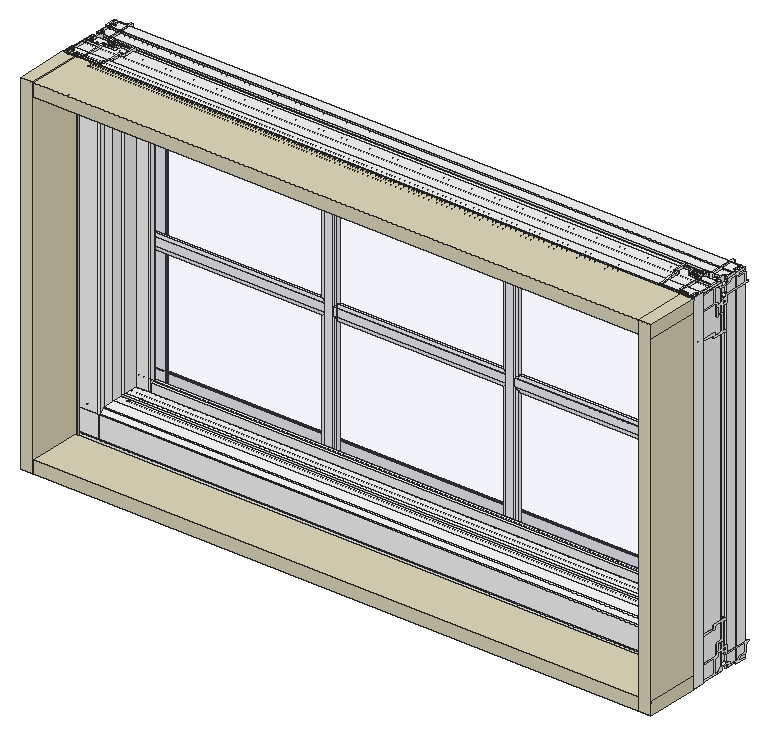
Revit family (continued)
Automatic sketch dimensions
  Sweep 8 sketch curve to Sweep 8 sketch curve = 0' - 0 1/16"
  Sweep 8 sketch curve to Sweep 8 sketch curve = 0' - 0.02"  (x3)
  Sweep 8 sketch curve to Sweep 8 sketch curve = 0' - 0.045"  (x4)
  Sweep 8 sketch curve to Sweep 8 sketch curve = 0' - 0.0135"
  Sweep 8 sketch curve to Sweep 8 sketch curve = 0' - 0.0315"
  Sweep 8 sketch curve to Sweep 8 sketch curve = 0' - 0.025"  (x3)
  Sweep 8 sketch curve to Sweep 8 sketch curve = 0' - 0.155"
  Sweep 8 sketch curve to Sweep 8 sketch curve = 0' - 0.11"
  profile plane to Sweep 8 sketch curve = 0' - 0.02019"
  Sweep 8 sketch curve to Sweep 8 sketch curve = 0' - 0.035"  (x2)
  profile plane to Sweep 8 sketch curve = 0' - 0.25019"
  Sweep 8 sketch curve to Sweep 8 sketch curve = 0' - 0.03433"
  Sweep 8 sketch curve to Sweep 8 sketch curve = 0' - 0.0786"
  Sweep 8 sketch curve to Sweep 8 sketch curve = 0' - 0.015"
  Sweep 8 sketch curve to Sweep 8 sketch curve = 0' - 0.014"
  Sweep 7 sketch curve to Sweep 7 sketch curve = 0' - 0"  (x7)
  plane 10 "Set Back" to Sweep 7 sketch curve = 0' - 0.124"
  Sweep 7 sketch curve to Sweep 7 sketch curve = 0' - 0.025"  (x4)
  plane 10 "Set Back" to Sweep 7 sketch curve = 0' - 0.174"
  Sweep 7 sketch curve to Sweep 7 sketch curve = 0' - 0.05"  (x3)
  Sweep 7 sketch curve to Sweep 7 sketch curve = 0' - 0 1/16"
  Sweep 7 sketch curve to Sweep 7 sketch curve = 0' - 0.02"  (x4)
  Sweep 7 sketch curve to Sweep 7 sketch curve = 0' - 0.045"  (x7)
  Sweep 7 sketch curve to Sweep 7 sketch curve = 0' - 0.10873"
  Sweep 7 sketch curve to Sweep 7 sketch curve = 0' - 0.06"
  Sweep 7 sketch curve to Sweep 7 sketch curve = 0' - 0.36827"
  Sweep 7 sketch curve to profile plane = 0' - 0.00019"
  Sweep 7 sketch curve to Sweep 7 sketch curve = 0' - 0.667"
  Sweep 7 sketch curve to Sweep 7 sketch curve = 0' - 0.0135"
  Sweep 7 sketch curve to Sweep 7 sketch curve = 0' - 0.0315"  (x2)
  Sweep 7 sketch curve to Sweep 7 sketch curve = 0' - 0.155"
  Sweep 7 sketch curve to Sweep 7 sketch curve = 0' - 0.11"
  Sweep 7 sketch curve to profile plane = 0' - 0.02019"
  Sweep 7 sketch curve to Sweep 7 sketch curve = 0' - 0.035"  (x2)
  Sweep 7 sketch curve to Sweep 7 sketch curve = 0' - 0.07"
  Sweep 7 sketch curve to Sweep 7 sketch curve = 0' - 0.304"
  Sweep 7 sketch curve to Sweep 7 sketch curve = 0' - 0.03433"
  Sweep 7 sketch curve to Sweep 7 sketch curve = 0' - 0.0786"
  Sweep 7 sketch curve to Sweep 7 sketch curve = 0' - 0.09"
  Sweep 7 sketch curve to Sweep 7 sketch curve = 0' - 0.015"
  Sweep 7 sketch curve to Sweep 7 sketch curve = 0' - 0.054"
  Sweep 7 sketch curve to Sweep 7 sketch curve = 0' - 0.486"
  Sweep 7 sketch curve to Sweep 7 sketch curve = 0' - 0.014"
  Sweep 7 sketch curve to Sweep 7 sketch curve = 0' - 0.055"
  Sweep 7 sketch curve to profile plane = 0' - 0.25019"
  plane 10 "Set Back" to Sweep 12 sketch curve = 0' - 0.1885"
  profile plane to Sweep 12 sketch curve = 0' - 1.44406"
  Sweep 12 sketch curve to Sweep 12 sketch curve = 0' - 0.0013"
  Sweep 12 sketch curve to Sweep 12 sketch curve = 0' - 0.01575"  (x2)
  Sweep 12 sketch curve to Sweep 12 sketch curve = 0' - 0.02921"
  Sweep 12 sketch curve to Sweep 12 sketch curve = 0' - 0.02999"
  plane 10 "Set Back" to Sweep 12 sketch curve = 0' - 0.13974"
  Sweep 12 sketch curve to Sweep 12 sketch curve = 0' - 0.0015"
  plane 10 "Set Back" to Sweep 12 sketch curve = 0' - 0.12068"
  profile plane to Sweep 12 sketch curve = 0' - 0.67437"
  Sweep 12 sketch curve to Sweep 12 sketch curve = 0' - 0.00156"
  Sweep 12 sketch curve to Sweep 12 sketch curve = 0' - 0.03"  (x5)
  Sweep 12 sketch curve to Sweep 12 sketch curve = 0' - 0.03277"
  Sweep 12 sketch curve to Sweep 12 sketch curve = 0' - 0.01"  (x2)
  Sweep 12 sketch curve to Sweep 12 sketch curve = 0' - 0.032"
  Sweep 12 sketch curve to profile plane = 0' - 0.20219"
  Sweep 12 sketch curve to Sweep 12 sketch curve = 0' - 0.055"
  Sweep 12 sketch curve to Sweep 12 sketch curve = 0' - 0.005"
  Sweep 12 sketch curve to Sweep 12 sketch curve = 0' - 0.02"
  plane 10 "Set Back" to Sweep 12 sketch curve = 0' - 0.119"
  Sweep 12 sketch curve to Sweep 12 sketch curve = 0' - 0.02995"
  Sweep 12 sketch curve to Sweep 12 sketch curve = 0' - 0.00075"
  Sweep 12 sketch curve to Sweep 12 sketch curve = 0' - 0.0685"
  Sweep 12 sketch curve to Sweep 12 sketch curve = 0' - 0.19873"
  plane 10 "Set Back" to Sweep 11 sketch curve = 0' - 0.089"
  plane 10 "Set Back" to Sweep 11 sketch curve = 0' - 0.10979"
  Sweep 11 sketch curve to Sweep 11 sketch curve = 0' - 0.03"  (x3)
  Sweep 11 sketch curve to Sweep 11 sketch curve = 0' - 0.03168"
  Sweep 11 sketch curve to Sweep 11 sketch curve = 0' - 0.015"
  Sweep 11 sketch curve to Sweep 11 sketch curve = 0' - 0.0292"
  Sweep 11 sketch curve to Sweep 11 sketch curve = 0' - 0.005"  (x2)
  Sweep 11 sketch curve to Sweep 11 sketch curve = 0' - 0.02995"
  Sweep 11 sketch curve to Sweep 11 sketch curve = 0' - 0.00004"
  Sweep 11 sketch curve to Sweep 11 sketch curve = 0' - 0.02996"
  Sweep 11 sketch curve to Sweep 11 sketch curve = 0' - 0.04951"
  Sweep 11 sketch curve to Sweep 11 sketch curve = 0' - 0.0685"
  Sweep 11 sketch curve to Sweep 11 sketch curve = 0' - 0.01575"  (x2)
  Sweep 11 sketch curve to Sweep 11 sketch curve = 0' - 0.18709"
  Sweep 11 sketch curve to Sweep 11 sketch curve = 0' - 0.01"
  profile plane to Sweep 11 sketch curve = 0' - 1.44406"
  Sweep 11 sketch curve to Sweep 11 sketch curve = 0' - 0.0013"
  Sweep 11 sketch curve to Sweep 11 sketch curve = 0' - 0.02921"
  Sweep 11 sketch curve to Sweep 11 sketch curve = 0' - 0.0015"
  profile plane to Sweep 11 sketch curve = 0' - 0.67437"
  Sweep 11 sketch curve to Sweep 11 sketch curve = 0' - 0.00156"
  Sweep 11 sketch curve to Sweep 11 sketch curve = 0' - 0.03277"
  Sweep 11 sketch curve to Sweep 11 sketch curve = 0' - 0.05"
  Sweep 11 sketch curve to Sweep 11 sketch curve = 0' - 0.032"
  Sweep 11 sketch curve to profile plane = 0' - 0.20219"
  Sweep 11 sketch curve to Sweep 11 sketch curve = 0' - 0.055"
  Sweep 4 sketch curve to Sweep 4 sketch curve = 0' - 0"  (x23)
  Sweep 4 sketch curve to profile plane = 0' - 0"  (x2)
  profile plane to Sweep 4 sketch curve = 0' - 0.0185"  (x2)
  Sweep 4 sketch curve to Sweep 4 sketch curve = 0' - 0.0185"  (x2)
  profile plane to Sweep 4 sketch curve = 0' - 0.07"  (x2)
  Sweep 4 sketch curve to Sweep 4 sketch curve = 0' - 0.033"  (x2)
  Sweep 4 sketch curve to Sweep 4 sketch curve = 0' - 0.045"  (x6)
  profile plane to Sweep 4 sketch curve = 0' - 0.12"  (x2)
  Sweep 4 sketch curve to Sweep 4 sketch curve = 0' - 0.005"
  Sweep 4 sketch curve to Sweep 4 sketch curve = 0' - 0.0225"  (x4)
  Sweep 4 sketch curve to Sweep 4 sketch curve = 0' - 0.08"  (x4)
  Sweep 4 sketch curve to Sweep 4 sketch curve = 0' - 0.03"  (x19)
  Sweep 4 sketch curve to Sweep 4 sketch curve = 0' - 0.035"  (x5)
  Sweep 4 sketch curve to Sweep 4 sketch curve = 0' - 0.02"  (x14)
  Sweep 4 sketch curve to Sweep 4 sketch curve = 0' - 0.015"  (x2)
  Sweep 4 sketch curve to Sweep 4 sketch curve = 0' - 0.05"  (x6)
  Sweep 4 sketch curve to plane 10 "Set Back" = 0' - 0.0001"
  Sweep 4 sketch curve to Sweep 4 sketch curve = 0' - 0.115"  (x2)
  Sweep 4 sketch curve to Sweep 4 sketch curve = 0' - 0.01"  (x5)
  Sweep 4 sketch curve to Sweep 4 sketch curve = 0' - 0.23254"
  Sweep 4 sketch curve to plane 10 "Set Back" = 0' - 0.01929"
  Sweep 4 sketch curve to Sweep 4 sketch curve = 0' - 0.03686"  (x2)
  Sweep 4 sketch curve to Sweep 4 sketch curve = 0' - 0.09216"
  Sweep 4 sketch curve to Sweep 4 sketch curve = 0' - 0.14"
  Sweep 4 sketch curve to Sweep 4 sketch curve = 0' - 0.1256"
  Sweep 4 sketch curve to Sweep 4 sketch curve = 0' - 0.06"  (x5)
  Sweep 4 sketch curve to Sweep 4 sketch curve = 0' - 0.43"
  Sweep 4 sketch curve to Sweep 4 sketch curve = 0' - 0.05657"
  Sweep 4 sketch curve to Sweep 4 sketch curve = 0' - 0 5/8"
  Sweep 4 sketch curve to Sweep 4 sketch curve = 0' - 0.095"
  Sweep 4 sketch curve to Sweep 4 sketch curve = 0' - 0.07"  (x5)
  Sweep 4 sketch curve to Sweep 4 sketch curve = 0' - 0.055"  (x4)
  Sweep 4 sketch curve to Sweep 4 sketch curve = 0' - 0.04"  (x3)
  Sweep 4 sketch curve to Sweep 4 sketch curve = 0' - 0.025"  (x4)
  Sweep 4 sketch curve to Sweep 4 sketch curve = 0' - 0.00867"
  Sweep 4 sketch curve to Sweep 4 sketch curve = 0' - 0.01342"
  Sweep 4 sketch curve to Sweep 4 sketch curve = 0' - 0.09382"
  Sweep 4 sketch curve to Sweep 4 sketch curve = 0' - 0.00618"
  Sweep 4 sketch curve to Sweep 4 sketch curve = 0' - 0.94031"
  Sweep 4 sketch curve to Sweep 4 sketch curve = 0' - 0.00353"
  Sweep 4 sketch curve to Sweep 4 sketch curve = 0' - 0.05027"  (x2)
  Sweep 4 sketch curve to Sweep 4 sketch curve = 0' - 0.1857"
  Sweep 4 sketch curve to Sweep 4 sketch curve = 0' - 0.00903"
  Sweep 4 sketch curve to Sweep 4 sketch curve = 0' - 0.02796"
  Sweep 4 sketch curve to Sweep 4 sketch curve = 0' - 0.104"
  Sweep 4 sketch curve to Sweep 4 sketch curve = 0' - 0.07687"
  Sweep 4 sketch curve to Sweep 4 sketch curve = 0' - 0.00295"
  Sweep 4 sketch curve to Sweep 4 sketch curve = 0' - 0.09"  (x2)
  Sweep 4 sketch curve to Sweep 4 sketch curve = 0' - 0.04913"
  Sweep 4 sketch curve to Sweep 4 sketch curve = 0' - 0.05894"
  Sweep 4 sketch curve to Sweep 4 sketch curve = 0' - 0.00052"
  Sweep 4 sketch curve to Sweep 4 sketch curve = 0' - 0.02967"
  Sweep 4 sketch curve to Sweep 4 sketch curve = 0' - 0.07879"
  Sweep 4 sketch curve to plane 10 "Set Back" = 0' - 0.1251"
  plane 10 "Set Back" to Sweep 4 sketch curve = 0' - 0.0524"
  Sweep 4 sketch curve to Sweep 4 sketch curve = 0' - 0.01037"  (x2)
  Sweep 4 sketch curve to Sweep 4 sketch curve = 0' - 0.0589"
  Sweep 4 sketch curve to Sweep 4 sketch curve = 0' - 0.2536"  (x2)
  Sweep 4 sketch curve to Sweep 4 sketch curve = 0' - 0.1"  (x2)
  Sweep 4 sketch curve to Sweep 4 sketch curve = 0' - 0.29442"
  Sweep 4 sketch curve to Sweep 4 sketch curve = 0' - 0.04474"  (x2)
  Sweep 4 sketch curve to Sweep 4 sketch curve = 0' - 0.00026"  (x2)
  Sweep 4 sketch curve to Sweep 4 sketch curve = 0' - 0.10026"
  Sweep 4 sketch curve to Sweep 4 sketch curve = 0' - 0.0275"
  Sweep 4 sketch curve to Sweep 4 sketch curve = 0' - 0.113"
  Sweep 4 sketch curve to Sweep 4 sketch curve = 0' - 0.35"
  Sweep 4 sketch curve to Sweep 4 sketch curve = 0' - 0.031"
  Sweep 4 sketch curve to Sweep 4 sketch curve = 0' - 0.062"
  Sweep 4 sketch curve to Sweep 4 sketch curve = 0' - 0.01191"
  Sweep 4 sketch curve to Sweep 4 sketch curve = 0' - 0.0375"
  Sweep 4 sketch curve to Sweep 4 sketch curve = 0' - 0.03067"
  Sweep 4 sketch curve to Sweep 4 sketch curve = 0' - 0.363"
  Sweep 4 sketch curve to Sweep 4 sketch curve = 0' - 0.00196"
  Sweep 4 sketch curve to Sweep 4 sketch curve = 0' - 0.00018"
  Sweep 4 sketch curve to Sweep 4 sketch curve = 0' - 0.00208"
  Sweep 4 sketch curve to Sweep 4 sketch curve = 0' - 0.00897"
  Sweep 4 sketch curve to Sweep 4 sketch curve = 0' - 0.0796"
  Sweep 4 sketch curve to Sweep 4 sketch curve = 0' - 0.00983"
  Sweep 4 sketch curve to Sweep 4 sketch curve = 0' - 0.45737"
  Sweep 4 sketch curve to Sweep 4 sketch curve = 0' - 0.01163"
  Sweep 4 sketch curve to Sweep 4 sketch curve = 0' - 0.64"
  Sweep 4 sketch curve to Sweep 4 sketch curve = 0' - 0.48863"
  Sweep 4 sketch curve to Sweep 4 sketch curve = 0' - 0.00556"
  Sweep 4 sketch curve to Sweep 4 sketch curve = 0' - 0.01672"
  Sweep 4 sketch curve to Sweep 4 sketch curve = 0' - 0.0155"
  Sweep 4 sketch curve to Sweep 4 sketch curve = 0' - 0.06223"
  Sweep 4 sketch curve to Sweep 4 sketch curve = 0' - 0.0005"
  Sweep 4 sketch curve to Sweep 4 sketch curve = 0' - 0.04853"
  Sweep 4 sketch curve to Sweep 4 sketch curve = 0' - 0.32618"
  Sweep 3 sketch curve to Sweep 3 sketch curve = 0' - 0"  (x23)
  Sweep 3 sketch curve to profile plane = 0' - 0"  (x2)
  Sweep 3 sketch curve to profile plane = 0' - 0.0185"  (x2)
  Sweep 3 sketch curve to Sweep 3 sketch curve = 0' - 0.0185"  (x2)
  Sweep 3 sketch curve to profile plane = 0' - 0.07"  (x4)
  Sweep 3 sketch curve to Sweep 3 sketch curve = 0' - 0.045"  (x6)
  Sweep 3 sketch curve to profile plane = 0' - 0.12"  (x3)
  Sweep 3 sketch curve to Sweep 3 sketch curve = 0' - 0.0225"  (x3)
  Sweep 3 sketch curve to Sweep 3 sketch curve = 0' - 0.035"  (x5)
  Sweep 3 sketch curve to Sweep 3 sketch curve = 0' - 0.08"  (x4)
  Sweep 3 sketch curve to Sweep 3 sketch curve = 0' - 0.03"  (x18)
  Sweep 3 sketch curve to Sweep 3 sketch curve = 0' - 0.02"  (x12)
  Sweep 3 sketch curve to Sweep 3 sketch curve = 0' - 0.015"  (x2)
  Sweep 3 sketch curve to Sweep 3 sketch curve = 0' - 0 1/8"
  Sweep 3 sketch curve to Sweep 3 sketch curve = 0' - 0.05"  (x6)
  Sweep 3 sketch curve to plane 10 "Set Back" = 0' - 0.0001"
  Sweep 3 sketch curve to Sweep 3 sketch curve = 0' - 0.115"  (x2)
  Sweep 3 sketch curve to Sweep 3 sketch curve = 0' - 0.01"  (x7)
  Sweep 3 sketch curve to plane 10 "Set Back" = 0' - 0.0451"
  Sweep 3 sketch curve to Sweep 3 sketch curve = 0' - 0.23254"
  Sweep 3 sketch curve to plane 10 "Set Back" = 0' - 0.01929"
  Sweep 3 sketch curve to plane 10 "Set Back" = 0' - 0.15091"
  Sweep 3 sketch curve to Sweep 3 sketch curve = 0' - 0.09216"
  Sweep 3 sketch curve to Sweep 3 sketch curve = 0' - 0.14"
  plane 10 "Set Back" to Sweep 3 sketch curve = 0' - 0.0799"
  Sweep 3 sketch curve to Sweep 3 sketch curve = 0' - 0.1256"
  Sweep 3 sketch curve to Sweep 3 sketch curve = 0' - 0.03686"
  Sweep 3 sketch curve to Sweep 3 sketch curve = 0' - 0.06"  (x7)
  Sweep 3 sketch curve to Sweep 3 sketch curve = 0' - 0.05657"
  Sweep 3 sketch curve to Sweep 3 sketch curve = 0' - 0 5/8"
  Sweep 3 sketch curve to Sweep 3 sketch curve = 0' - 0.095"
  Sweep 3 sketch curve to Sweep 3 sketch curve = 0' - 0.055"  (x4)
  Sweep 3 sketch curve to Sweep 3 sketch curve = 0' - 0.07"  (x2)
  Sweep 3 sketch curve to Sweep 3 sketch curve = 0' - 0.04"  (x2)
  Sweep 3 sketch curve to Sweep 3 sketch curve = 0' - 0.025"  (x2)
  Sweep 3 sketch curve to Sweep 3 sketch curve = 0' - 0.00867"
  Sweep 3 sketch curve to Sweep 3 sketch curve = 0' - 0.01342"
  Sweep 3 sketch curve to Sweep 3 sketch curve = 0' - 0.09382"
  Sweep 3 sketch curve to Sweep 3 sketch curve = 0' - 0.00618"
  Sweep 3 sketch curve to Sweep 3 sketch curve = 0' - 0.215"
  Sweep 3 sketch curve to Sweep 3 sketch curve = 0' - 0.94031"
  Sweep 3 sketch curve to Sweep 3 sketch curve = 0' - 0.00353"
  Sweep 3 sketch curve to Sweep 3 sketch curve = 0' - 0.05027"  (x2)
  Sweep 3 sketch curve to Sweep 3 sketch curve = 0' - 0.1857"
  Sweep 3 sketch curve to Sweep 3 sketch curve = 0' - 0.00903"
  Sweep 3 sketch curve to Sweep 3 sketch curve = 0' - 0.02796"
  Sweep 3 sketch curve to Sweep 3 sketch curve = 0' - 0.104"
  Sweep 3 sketch curve to Sweep 3 sketch curve = 0' - 0.07687"
  Sweep 3 sketch curve to Sweep 3 sketch curve = 0' - 0.00295"
  Sweep 3 sketch curve to Sweep 3 sketch curve = 0' - 0.01017"
  Sweep 3 sketch curve to Sweep 3 sketch curve = 0' - 0.04913"
  Sweep 3 sketch curve to Sweep 3 sketch curve = 0' - 0.05894"
  Sweep 3 sketch curve to Sweep 3 sketch curve = 0' - 0.00052"
  Sweep 3 sketch curve to Sweep 3 sketch curve = 0' - 0.02019"
  Sweep 3 sketch curve to Sweep 3 sketch curve = 0' - 0.02967"
  Sweep 3 sketch curve to Sweep 3 sketch curve = 0' - 0.07879"
  Sweep 3 sketch curve to Sweep 3 sketch curve = 0' - 0.01919"
  plane 10 "Set Back" to Sweep 3 sketch curve = 0' - 0.0524"
  Sweep 3 sketch curve to Sweep 3 sketch curve = 0' - 0.01037"  (x2)
  Sweep 3 sketch curve to Sweep 3 sketch curve = 0' - 0.0589"
  Sweep 3 sketch curve to Sweep 3 sketch curve = 0' - 0.2536"  (x2)
  Sweep 3 sketch curve to Sweep 3 sketch curve = 0' - 0.1"  (x2)
  Sweep 3 sketch curve to Sweep 3 sketch curve = 0' - 0.29442"
  Sweep 3 sketch curve to Sweep 3 sketch curve = 0' - 0.04474"  (x2)
  Sweep 3 sketch curve to Sweep 3 sketch curve = 0' - 0.00026"  (x2)
  Sweep 3 sketch curve to Sweep 3 sketch curve = 0' - 0.10026"
  Sweep 3 sketch curve to Sweep 3 sketch curve = 0' - 0.0275"
  Sweep 3 sketch curve to Sweep 3 sketch curve = 0' - 0.09"  (x2)
  Sweep 3 sketch curve to Sweep 3 sketch curve = 0' - 0.133"
  Sweep 3 sketch curve to Sweep 3 sketch curve = 0' - 0.35"
  Sweep 3 sketch curve to Sweep 3 sketch curve = 0' - 0.031"
  Sweep 3 sketch curve to Sweep 3 sketch curve = 0' - 0.062"
  Sweep 3 sketch curve to Sweep 3 sketch curve = 0' - 0.01191"
  Sweep 3 sketch curve to Sweep 3 sketch curve = 0' - 0.0375"
  Sweep 3 sketch curve to Sweep 3 sketch curve = 0' - 0.03941"
  Sweep 3 sketch curve to Sweep 3 sketch curve = 0' - 0.03067"
  Sweep 3 sketch curve to Sweep 3 sketch curve = 0' - 0.01433"
  Sweep 3 sketch curve to Sweep 3 sketch curve = 0' - 0.363"
  Sweep 3 sketch curve to Sweep 3 sketch curve = 0' - 0.00196"
  Sweep 3 sketch curve to Sweep 3 sketch curve = 0' - 0.00018"
  Sweep 3 sketch curve to Sweep 3 sketch curve = 0' - 0.20442"
  Sweep 3 sketch curve to Sweep 3 sketch curve = 0' - 0.00208"
  Sweep 3 sketch curve to Sweep 3 sketch curve = 0' - 0.0313"
  Sweep 3 sketch curve to Sweep 3 sketch curve = 0' - 0.0796"
  Sweep 3 sketch curve to Sweep 3 sketch curve = 0' - 0.00983"
  Sweep 3 sketch curve to Sweep 3 sketch curve = 0' - 0.45737"
  Sweep 3 sketch curve to Sweep 3 sketch curve = 0' - 0.01163"
  Sweep 3 sketch curve to Sweep 3 sketch curve = 0' - 0.64"
  Sweep 3 sketch curve to Sweep 3 sketch curve = 0' - 0.48863"
  Sweep 3 sketch curve to Sweep 3 sketch curve = 0' - 0.00556"
  Sweep 3 sketch curve to Sweep 3 sketch curve = 0' - 0.01672"
  Sweep 3 sketch curve to Sweep 3 sketch curve = 0' - 0.0155"
  Sweep 3 sketch curve to Sweep 3 sketch curve = 0' - 0.06223"
  Sweep 3 sketch curve to Sweep 3 sketch curve = 0' - 0.04853"
  Sweep 5 sketch curve to Sweep 5 sketch curve = 0' - 0"  (x8)
  plane 10 "Set Back" to Sweep 5 sketch curve = 0' - 0.88676"
  profile plane to Sweep 5 sketch curve = 0' - 1.44381"
  Sweep 5 sketch curve to Sweep 5 sketch curve = 0' - 0.02"  (x4)
  Sweep 5 sketch curve to Sweep 5 sketch curve = 0' - 0.06"
  Sweep 5 sketch curve to Sweep 5 sketch curve = 0' - 0.05"  (x2)
  Sweep 5 sketch curve to Sweep 5 sketch curve = 0' - 0.081"
  Sweep 5 sketch curve to Sweep 5 sketch curve = 0' - 0.055"
  Sweep 5 sketch curve to Sweep 5 sketch curve = 0' - 0.045"  (x5)
  Sweep 5 sketch curve to Sweep 5 sketch curve = 0' - 0.486"
  Sweep 5 sketch curve to Sweep 5 sketch curve = 0' - 0.054"
  Sweep 5 sketch curve to Sweep 5 sketch curve = 0' - 0.025"  (x5)
  Sweep 5 sketch curve to Sweep 5 sketch curve = 0' - 0.03"
  Sweep 5 sketch curve to Sweep 5 sketch curve = 0' - 0.015"
  Sweep 5 sketch curve to Sweep 5 sketch curve = 0' - 0.07"  (x2)
  Sweep 5 sketch curve to Sweep 5 sketch curve = 0' - 0.09"
  Sweep 5 sketch curve to Sweep 5 sketch curve = 0' - 0.0514"
  Sweep 5 sketch curve to Sweep 5 sketch curve = 0' - 0.0786"
  Sweep 5 sketch curve to Sweep 5 sketch curve = 0' - 0.01067"
  Sweep 5 sketch curve to Sweep 5 sketch curve = 0' - 0.03433"
  Sweep 5 sketch curve to Sweep 5 sketch curve = 0' - 0.579"
  Sweep 5 sketch curve to Sweep 5 sketch curve = 0' - 0.304"
  Sweep 5 sketch curve to Sweep 5 sketch curve = 0' - 0.23"
  plane 10 "Set Back" to Sweep 5 sketch curve = 0' - 0.84676"
  Sweep 5 sketch curve to Sweep 5 sketch curve = 0' - 0.0315"
  Sweep 5 sketch curve to Sweep 5 sketch curve = 0' - 0.0135"
  Sweep 5 sketch curve to Sweep 5 sketch curve = 0' - 0.36827"
  Sweep 5 sketch curve to Sweep 5 sketch curve = 0' - 0.10873"
  Sweep 5 sketch curve to Sweep 5 sketch curve = 0' - 0.03249"
  Sweep 5 sketch curve to Sweep 5 sketch curve = 0' - 0.01251"
  Sweep 5 sketch curve to Sweep 5 sketch curve = 0' - 0.11"
  Sweep 5 sketch curve to Sweep 5 sketch curve = 0' - 0.035"
  Sweep 6 sketch curve to Sweep 6 sketch curve = 0' - 0"  (x8)
  plane 10 "Set Back" to Sweep 6 sketch curve = 0' - 0.06476"
  profile plane to Sweep 6 sketch curve = 0' - 0.25019"
  profile plane to Sweep 6 sketch curve = 0' - 0.02019"  (x3)
  Sweep 6 sketch curve to Sweep 6 sketch curve = 0' - 0.02"  (x2)
  Sweep 6 sketch curve to Sweep 6 sketch curve = 0' - 0.07"
  Sweep 6 sketch curve to Sweep 6 sketch curve = 0' - 0.045"  (x8)
  Sweep 6 sketch curve to Sweep 6 sketch curve = 0' - 0.304"
  Sweep 6 sketch curve to Sweep 6 sketch curve = 0' - 0.03433"
  Sweep 6 sketch curve to Sweep 6 sketch curve = 0' - 0.05"  (x2)
  plane 10 "Set Back" to Sweep 6 sketch curve = 0' - 0.12727"
  Sweep 6 sketch curve to Sweep 6 sketch curve = 0' - 0.0786"
  plane 10 "Set Back" to Sweep 6 sketch curve = 0' - 0.26849"
  Sweep 6 sketch curve to Sweep 6 sketch curve = 0' - 0.035"  (x2)
  Sweep 6 sketch curve to Sweep 6 sketch curve = 0' - 0.09"
  Sweep 6 sketch curve to Sweep 6 sketch curve = 0' - 0.015"
  Sweep 6 sketch curve to Sweep 6 sketch curve = 0' - 0.03"
  Sweep 6 sketch curve to Sweep 6 sketch curve = 0' - 0.025"  (x4)
  Sweep 6 sketch curve to Sweep 6 sketch curve = 0' - 0.054"
  Sweep 6 sketch curve to Sweep 6 sketch curve = 0' - 0.486"
  Sweep 6 sketch curve to Sweep 6 sketch curve = 0' - 0.014"
  Sweep 6 sketch curve to Sweep 6 sketch curve = 0' - 0.055"
  Sweep 6 sketch curve to Sweep 6 sketch curve = 0' - 0.081"
  Sweep 6 sketch curve to Sweep 6 sketch curve = 0' - 0.06"
  plane 10 "Set Back" to Sweep 6 sketch curve = 0' - 0.11476"
  Sweep 6 sketch curve to Sweep 6 sketch curve = 0' - 0.36827"
  Sweep 6 sketch curve to Sweep 6 sketch curve = 0' - 0.667"
  Sweep 6 sketch curve to Sweep 6 sketch curve = 0' - 0.0315"  (x2)
  Sweep 6 sketch curve to Sweep 6 sketch curve = 0' - 0.155"
  profile plane to Sweep 9 sketch curve = 0' - 1.44406"
  Sweep 9 sketch curve to Sweep 9 sketch curve = 0' - 0.0013"
  Sweep 9 sketch curve to Sweep 9 sketch curve = 0' - 0.01575"  (x2)
  Sweep 9 sketch curve to Sweep 9 sketch curve = 0' - 0.02921"
  Sweep 9 sketch curve to Sweep 9 sketch curve = 0' - 0.02999"
  Sweep 9 sketch curve to Sweep 9 sketch curve = 0' - 0.0015"
  Sweep 9 sketch curve to Sweep 9 sketch curve = 0' - 0.73691"
  Sweep 9 sketch curve to Sweep 9 sketch curve = 0' - 0.00156"
  Sweep 9 sketch curve to Sweep 9 sketch curve = 0' - 0.03"  (x4)
  Sweep 9 sketch curve to Sweep 9 sketch curve = 0' - 0.03277"
  Sweep 9 sketch curve to Sweep 9 sketch curve = 0' - 0.04"
  Sweep 9 sketch curve to Sweep 9 sketch curve = 0' - 0.05"
  Sweep 9 sketch curve to Sweep 9 sketch curve = 0' - 0.032"
  Sweep 9 sketch curve to Sweep 9 sketch curve = 0' - 0.055"
  Sweep 9 sketch curve to Sweep 9 sketch curve = 0' - 0.005"
  Sweep 9 sketch curve to Sweep 9 sketch curve = 0' - 0.02"
  plane 10 "Set Back" to Sweep 9 sketch curve = 0' - 0.02976"
  Sweep 9 sketch curve to Sweep 9 sketch curve = 0' - 0.02079"
  Sweep 9 sketch curve to Sweep 9 sketch curve = 0' - 0.015"
  Sweep 9 sketch curve to Sweep 9 sketch curve = 0' - 0.03168"
  Sweep 9 sketch curve to Sweep 9 sketch curve = 0' - 0.0292"
  Sweep 9 sketch curve to Sweep 9 sketch curve = 0' - 0.00004"
  Sweep 9 sketch curve to Sweep 9 sketch curve = 0' - 0.04872"
  Sweep 9 sketch curve to Sweep 9 sketch curve = 0' - 0.0685"
  Sweep 9 sketch curve to Sweep 9 sketch curve = 0' - 0.18709"
  Sweep 9 sketch curve to profile plane = 0' - 0.20219"
  profile plane to Sweep 10 sketch curve = 0' - 0.30719"
  Sweep 10 sketch curve to Sweep 10 sketch curve = 0' - 0.03"  (x3)
  Sweep 10 sketch curve to Sweep 10 sketch curve = 0' - 0.015"
  Sweep 10 sketch curve to Sweep 10 sketch curve = 0' - 0.005"
  Sweep 10 sketch curve to Sweep 10 sketch curve = 0' - 0.075"
  plane 10 "Set Back" to Sweep 10 sketch curve = 0' - 0.28849"
  Sweep 10 sketch curve to profile plane = 0' - 0.54081"
  plane 10 "Set Back" to Sweep 10 sketch curve = 0' - 0.05976"
  Sweep 10 sketch curve to Sweep 10 sketch curve = 0' - 0.022"  (x2)
  Sweep 10 sketch curve to Sweep 10 sketch curve = 0' - 0.01"
  Sweep 10 sketch curve to Sweep 10 sketch curve = 0' - 0.04723"
  Sweep 10 sketch curve to Sweep 10 sketch curve = 0' - 0.04"
  Sweep 10 sketch curve to Sweep 10 sketch curve = 0' - 0.00156"
  plane 10 "Set Back" to Sweep 10 sketch curve = 0' - 0.0805"
  Sweep 10 sketch curve to Sweep 10 sketch curve = 0' - 0.73691"
  plane 10 "Set Back" to Sweep 10 sketch curve = 0' - 0.12926"
  Sweep 10 sketch curve to Sweep 10 sketch curve = 0' - 0.00128"
  Sweep 10 sketch curve to Sweep 10 sketch curve = 0' - 0.0015"
  plane 10 "Set Back" to Sweep 10 sketch curve = 0' - 0.05055"
  Sweep 10 sketch curve to Sweep 10 sketch curve = 0' - 0.00078"
  Sweep 10 sketch curve to Sweep 10 sketch curve = 0' - 0.01575"  (x2)
  Sweep 10 sketch curve to Sweep 10 sketch curve = 0' - 0.02999"
  plane 10 "Set Back" to Sweep 10 sketch curve = 0' - 0.02976"
  plane 10 "Set Back" to Sweep 10 sketch curve = 0' - 0.06144"
  Sweep 10 sketch curve to Sweep 10 sketch curve = 0' - 0.00075"
  Sweep 10 sketch curve to Sweep 10 sketch curve = 0' - 0.0685"
  Sweep 24 sketch curve to plane 85 = 0' - 0"
  Sweep 24 sketch curve to plane 86 = 0' - 0"
  plane 86 to Sweep 24 sketch curve = 0' - 0.03239"  (x4)
  Sweep 24 sketch curve to plane 79 = 0' - 0.15945"  (x2)
  Sweep 24 sketch curve to plane 85 = 0' - 0.03239"  (x4)
  Sweep 24 sketch curve to Sweep 24 sketch curve = 0' - 0.0187"  (x8)
  plane 80 to Sweep 24 sketch curve = 0' - 0.17815"  (x2)
  Sweep 24 sketch curve to plane 77 = 0' - 0.15945"  (x2)
  plane 78 to Sweep 24 sketch curve = 0' - 0.17815"  (x2)
  plane 86 to Sweep 24 sketch curve = 0' - 0.04921"  (x4)
  Sweep 24 sketch curve to plane 85 = 0' - 0.04921"  (x4)
  Sweep 27 sketch curve to plane 28 = 0' - 0"
  Sweep 27 sketch curve to plane 29 = 0' - 0"
  plane 10 "Set Back" to Sweep 27 sketch curve = 0' - 0.48053"  (x7)
  plane 10 "Set Back" to Sweep 27 sketch curve = 0' - 0.63514"  (x5)
  Sweep 27 sketch curve to Sweep 27 sketch curve = 0' - 0.15945"  (x15)
  Sweep 27 sketch curve to Sweep 27 sketch curve = 0' - 0.0187"  (x20)
  Sweep 27 sketch curve to Sweep 27 sketch curve = 0' - 0"  (x4)
  plane 10 "Set Back" to Sweep 27 sketch curve = 0' - 0.46371"  (x6)
  Sweep 27 sketch curve to profile plane = 0' - 0.19685"
  plane 10 "Set Back" to Sweep 27 sketch curve = 0' - 0.61832"
  Sweep 27 sketch curve to Sweep 27 sketch curve = 0' - 0.03239"  (x8)
  Sweep 27 sketch curve to Sweep 27 sketch curve = 0' - 0.1378"  (x9)
  Sweep 27 sketch curve to Sweep 27 sketch curve = 0' - 0.01682"  (x4)
